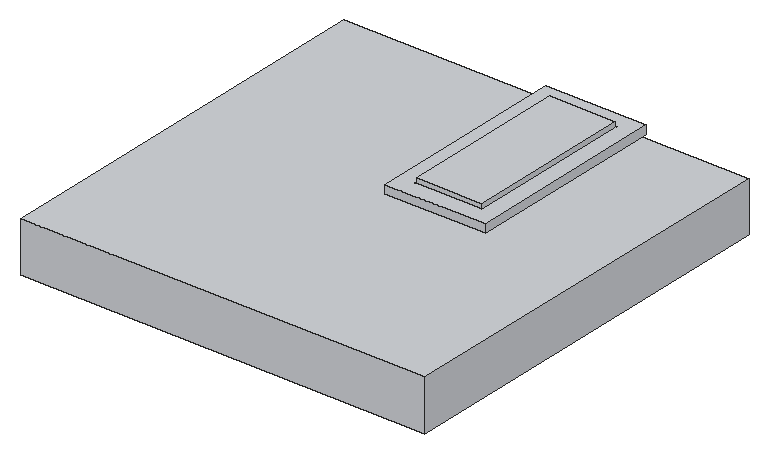
Revit family
Parameters
  Width = 0' - 2"
  URL = "www.coldspringgranite.com"
  TypicalJointSize = 0' - 0 1/4"
  StyleTop = 0' - 4"
  StyleBottom = 0' - 4"
  StoneMaterial = none
  StoneInlayMaterial = none
  SettingSpace = AirGap + Width  # 0' - 3"
  RailRight = 0' - 4"
  RailLeft = 0' - 4"
  Product Name = "Wall Facing Stone Panels with Inlay Accent Panel"
  Product Documentation Link = "http://www.coldspringgranite.com/BIM_Families/Family_Detail/Wall_Facing_Stone_Panel_with_Inlay_Accent_Panel/"
  PhoneNumber = "800-551-7502"
  Notes = ""
  Model = "N/A"
  Manufacturer = "Cold Spring Granite Company"
  Low Emitting Material = yes
  Low Emitting Finish = yes
  Location = "17482 Granite West Road, Cold Spring, MN 56320-4578"
  Length = 2' - 0"
  LEED Credit = ""
  Keynote = "044256"
  JointTopOff = no
  JointTop = if(JointTopOff, 0' 0", TypicalJointSize / 2)  # 0' - 0 1/8"
  JointRightOff = no
  JointRight = if(JointRightOff, 0' 0", TypicalJointSize / 2)  # 0' - 0 1/8"
  JointLeftOff = no
  JointLeft = if(JointLeftOff, 0' 0", TypicalJointSize / 2)  # 0' - 0 1/8"
  JointBottomOff = no
  JointBottom = if(JointBottomOff, 0' 0", TypicalJointSize / 2)  # 0' - 0 1/8"
  InnerJoint = 0' - 0 1/4"
  InlayWidth = 0' - 3 1/16"
  Height = 4' - 0"
  Description = "Stone Wall Facing Accent"
  Default Elevation = 0' - 0"
  Assembly Code = "B2010160"
  AirGap = 0' - 1"
Reference planes (in)
  plane 1 "Center (Front/Back)": y = 0
  plane 2: z = 0
  plane 3 "Center (Left/Right)": x = 0
  plane 4 "StoneBottom": y = 0.125
  plane 5 "StoneLeft": x = 0.125
  plane 6 "JointTopCenter": y = 48
  plane 7 "StoneTop": y = 47.875
  plane 8 "JointRightCenter": x = 24
  plane 9 "StoneRight": x = 23.875
  plane 10 "RailLeft": x = 4
  plane 11 "RailRight": x = 20
  plane 12 "StyleTop": y = 44
  plane 13 "StyleBottom": y = 4
  plane 14 "StoneBack": z = 1
  plane 15 "StoneFront": z = 3
  plane 16 "InlayWidth": z = 4.0625
Forms (in)
  Extrusion 1, solid
    sketch origin (0, 0, 0) x (1, 0, 0) y (0, 1, 0)
      loop
        line (-48, 48) -> (-48, -48) -> (48, -48) -> (48, 48) -> (-48, 48)
    from 0 to -12
  Extrusion 2, solid, material <- "StoneMaterial", detail levels medium+fine
    sketch origin (0, 0, 0) x (1, 0, 0) y (0, 1, 0)
      loop
        line (0.125, 47.875) -> (0.125, 0.125) -> (23.875, 0.125) -> (23.875, 47.875) -> (0.125, 47.875)
      loop
        line (4, 44) -> (4, 4) -> (20, 4) -> (20, 44) -> (4, 44)
    from 1 to 3
  Extrusion 3, solid, material <- "StoneMaterial", detail levels coarse
    sketch origin (0, 0, 0) x (1, 0, 0) y (0, 1, 0)
      loop
        line (0, 48) -> (0, 0) -> (24, 0) -> (24, 48) -> (0, 48)
    from 1 to 4.0625
Lines and regions (in)
  Masking region 1, detail levels coarse
    outline origin (0, 0, 3) x (-1, 0, 0) y (0, -1, 0)
      loop
        line (-24, -48) -> (0, -48) -> (0, 0) -> (-24, 0) -> (-24, -48)
  Masking region 2, detail levels medium+fine
    outline origin (0, 0, 3) x (-1, 0, 0) y (0, -1, 0)
      loop
        line (-23.875, -47.875) -> (-0.125, -47.875) -> (-0.125, -0.125) -> (-23.875, -0.125) -> (-23.875, -47.875)
  Masking region 3, detail levels coarse
    outline origin (0.125, 60, 48) x (0, 1, 0) y (0, 0, 1)
      loop
        line (-60, -43.9375) -> (-60, -47) -> (-12, -47) -> (-12, -43.9375) -> (-60, -43.9375)
  Masking region 4, detail levels medium+fine
    outline origin (0.125, 60, 48) x (0, 1, 0) y (0, 0, 1)
      loop
        line (-59.875, -45) -> (-59.875, -47) -> (-12.125, -47) -> (-12.125, -45) -> (-16.25, -45) -> (-16.25, -43.9375) -> (-55.75, -43.9375) -> (-55.75, -45) -> (-59.875, -45)
  Masking region 5, detail levels coarse
    outline origin (23.875, 0, 0) x (0, -1, 0) y (0, 0, 1)
      loop
        line (-48, 4.0625) -> (-48, 1) -> (0, 1) -> (0, 4.0625) -> (-48, 4.0625)
  Masking region 6, detail levels medium+fine
    outline origin (23.875, 0, 0) x (0, -1, 0) y (0, 0, 1)
      loop
        line (-4.25, 3) -> (-4.25, 4.0625) -> (-43.75, 4.0625) -> (-43.75, 3) -> (-47.875, 3) -> (-47.875, 1) -> (-0.125, 1) -> (-0.125, 3) -> (-4.25, 3)
  Masking region 7, detail levels medium+fine
    outline origin (0, 0, 4.0625) x (-1, 0, 0) y (0, -1, 0)
      loop
        line (-4, -44) -> (-4, -4) -> (-20, -4) -> (-20, -44) -> (-4, -44)
  Masking region 8, detail levels coarse
    outline origin (0, 47.875, 0) x (-1, 0, 0) y (0, 0, 1)
      loop
        line (0, 4.0625) -> (-24, 4.0625) -> (-24, 1) -> (0, 1) -> (0, 4.0625)
  Masking region 9, detail levels medium+fine
    outline origin (0, 47.875, 0) x (-1, 0, 0) y (0, 0, 1)
      loop
        line (-0.125, 3) -> (-23.875, 3) -> (-23.875, 1) -> (-0.125, 1) -> (-0.125, 3)
  Masking region 10, detail levels medium+fine
    outline origin (0, 47.875, 0) x (-1, 0, 0) y (0, 0, 1)
      loop
        line (-4.25, 4.0625) -> (-19.75, 4.0625) -> (-19.75, 3) -> (-4.25, 3) -> (-4.25, 4.0625)
  Masking region 11, detail levels coarse
    outline origin (0, 0.125, 0) x (-1, 0, 0) y (0, 0, 1)
      loop
        line (0, 4.0625) -> (-24, 4.0625) -> (-24, 1) -> (0, 1) -> (0, 4.0625)
  Masking region 12, detail levels medium+fine
    outline origin (0, 0.125, 0) x (-1, 0, 0) y (0, 0, 1)
      loop
        line (-0.125, 3) -> (-23.875, 3) -> (-23.875, 1) -> (-0.125, 1) -> (-0.125, 3)
  Masking region 13, detail levels medium+fine
    outline origin (0, 0.125, 0) x (-1, 0, 0) y (0, 0, 1)
      loop
        line (-4.25, 4.0625) -> (-19.75, 4.0625) -> (-19.75, 3) -> (-4.25, 3) -> (-4.25, 4.0625)
Dimensions and locks (in)
  "SettingSpace": plane 15 "StoneFront" to plane 2
  "Length": plane 3 "Center (Left/Right)" to plane 8 "JointRightCenter"
  "Height": plane 6 "JointTopCenter" to plane 1 "Center (Front/Back)"
  "RailLeft": plane 3 "Center (Left/Right)" to plane 10 "RailLeft"
  "RailRight": plane 11 "RailRight" to plane 8 "JointRightCenter"
  "StyleTop": plane 6 "JointTopCenter" to plane 12 "StyleTop"
  "StyleBottom": plane 1 "Center (Front/Back)" to plane 13 "StyleBottom"
  "JointLeft": plane 3 "Center (Left/Right)" to plane 5 "StoneLeft"
  "JointRight": plane 9 "StoneRight" to plane 8 "JointRightCenter"
  "JointTop": plane 6 "JointTopCenter" to plane 7 "StoneTop"
  "JointBottom": plane 4 "StoneBottom" to plane 1 "Center (Front/Back)"
  "Width": plane 15 "StoneFront" to plane 14 "StoneBack"
  "InlayWidth": plane 16 "InlayWidth" to plane 14 "StoneBack"
  aligned and locked: plane 2 to Extrusion 1
  aligned and locked: level to Extrusion 1
  aligned and locked: Extrusion 2 to plane 9 "StoneRight"
  aligned and locked: Extrusion 2 to plane 4 "StoneBottom"
  aligned and locked: Extrusion 2 to plane 5 "StoneLeft"
  aligned and locked: plane 7 "StoneTop" to Extrusion 2
  aligned and locked: Extrusion 2 to plane 12 "StyleTop"
  aligned and locked: Extrusion 2 to plane 11 "RailRight"
  aligned and locked: plane 13 "StyleBottom" to Extrusion 2
  aligned and locked: plane 10 "RailLeft" to Extrusion 2
  aligned and locked: plane 15 "StoneFront" to Extrusion 2
  aligned and locked: Extrusion 2 to plane 14 "StoneBack"
  aligned and locked: plane 6 "JointTopCenter" to Extrusion 3
  aligned and locked: plane 8 "JointRightCenter" to Extrusion 3
  aligned and locked: plane 1 "Center (Front/Back)" to Extrusion 3
  aligned and locked: Extrusion 3 to plane 3 "Center (Left/Right)"
  aligned and locked: Extrusion 3 to plane 14 "StoneBack"
  aligned and locked: plane 16 "InlayWidth" to Extrusion 3
  aligned and locked: Masking region 1 sketch curve to Extrusion 3  (x4)
  aligned and locked: Masking region 2 sketch curve to Extrusion 2  (x4)
  aligned and locked: Masking region 3 sketch curve to Extrusion 3  (x4)
  aligned and locked: Masking region 4 sketch curve to Extrusion 2  (x4)
  aligned and locked: Masking region 5 sketch curve to Masking region 3  (x4)
  aligned and locked: Masking region 6 sketch curve to Masking region 4  (x8)
  aligned and locked: plane 11 "RailRight" to nested 1
  aligned and locked: plane 12 "StyleTop" to nested 1
  aligned and locked: plane 10 "RailLeft" to nested 1
  aligned and locked: nested 1 to plane 13 "StyleBottom"
  aligned and locked: Masking region 8 sketch curve to Extrusion 3  (x4)
  aligned and locked: Masking region 9 sketch curve to Extrusion 2  (x4)
  aligned and locked: Masking region 10 sketch curve to nested 1  (x2)
  aligned and locked: nested 1 to Masking region 10 sketch curve
  aligned and locked: Masking region 10 sketch curve to plane 15 "StoneFront"
  aligned and locked: Masking region 11 sketch curve to Masking region 8  (x4)
  aligned and locked: Masking region 12 sketch curve to Masking region 9  (x4)
  aligned and locked: Masking region 13 sketch curve to Masking region 10  (x2)
  aligned and locked: Masking region 10 to Masking region 13 sketch curve  (x2)
Automatic sketch dimensions
  Extrusion 1 sketch curve to Extrusion 1 sketch curve = 8' - 0"  (x2)
  Extrusion 2 sketch curve to plane 4 "StoneBottom" = 0' - 0"
  Extrusion 2 sketch curve to plane 5 "StoneLeft" = 0' - 0"
  Extrusion 2 sketch curve to plane 10 "RailLeft" = 0' - 0"
  Extrusion 2 sketch curve to plane 11 "RailRight" = 0' - 0"
  Extrusion 2 sketch curve to plane 7 "StoneTop" = 0' - 0"
  Extrusion 2 sketch curve to plane 9 "StoneRight" = 0' - 0"
  Extrusion 2 sketch curve to plane 13 "StyleBottom" = 0' - 0"
  Extrusion 2 sketch curve to plane 12 "StyleTop" = 0' - 0"
  Extrusion 3 sketch curve to plane 5 "StoneLeft" = 0' - 0 1/8"
  Extrusion 3 sketch curve to plane 9 "StoneRight" = 0' - 0 1/8"
  Extrusion 3 sketch curve to plane 4 "StoneBottom" = 0' - 0 1/8"
  plane 7 "StoneTop" to Extrusion 3 sketch curve = 0' - 0 1/8"
  Masking region 4 sketch curve to plane 15 "StoneFront" = 0' - 0"
  Masking region 4 sketch curve to plane 16 "InlayWidth" = 0' - 0"
  plane 13 "StyleBottom" to Masking region 4 sketch curve = 0' - 0 1/4"
  Masking region 4 sketch curve to plane 12 "StyleTop" = 0' - 0 1/4"
  Masking region 7 sketch curve to plane 11 "RailRight" = 0' - 0"
  Masking region 7 sketch curve to plane 10 "RailLeft" = 0' - 0"
  Masking region 7 sketch curve to plane 12 "StyleTop" = 0' - 0"
  Masking region 7 sketch curve to plane 13 "StyleBottom" = 0' - 0"
Nested families (in)
  nested 1: "Wall_Facing-Cold_Spring_Granite-Stone_Inlay" at (4, 4, 0), AirGap <- "AirGap", Width <- "InlayWidth", StoneMaterial <- "StoneInlayMaterial", type "Wall_Facing-Cold_Spring_Granite-Stone_Inlay"
    with Width 0' - 3 1/16", StoneMaterial none, SettingSpace 0' - 4 1/16", Length 1' - 4", Height 3' - 4", AirGap 0' - 1"
Definition of nested family "Wall_Facing-Cold_Spring_Granite-Stone_Inlay"
  Parameters (values of type "Wall_Facing-Cold_Spring_Granite-Stone_Inlay")
    Width [instance] = 0' - 3 1/16"
    URL = "www.coldspringgranite.com"
    TypicalJointSize = 0' - 0 1/4"
    StoneMaterial [instance] = none
    SettingSpace [instance] = AirGap + Width  # 0' - 4 1/16"
    Product Name = ""
    Product Documentation Link = ""
    PhoneNumber = ""
    Notes = ""
    Model = "N/A"
    Manufacturer = "Cold Spring Granite Company"
    Low Emitting Material = yes
    Low Emitting Finish = yes
    Location = "17482 Granite West Road, Cold Spring, MN 56320-4578"
    Length [instance] = 4' - 8"
    LEED Credit = ""
    Keynote = "044256"
    Height [instance] = 5' - 0"
    Description = "Stone Wall Facing Accent"
    Default Elevation = 0' - 0"
    Assembly Code = "B2010160"
    AirGap [instance] = 0' - 1"
  Reference planes (in)
    plane 1 "Center (Front/Back)": y = 0
    plane 2: z = 0
    plane 3 "Center (Left/Right)": x = 0
    plane 4 "StoneLeft": x = 0.25
    plane 5 "JointTopCenter": y = 60
    plane 6 "StoneTop": y = 59.75
    plane 7 "JointRightCenter": x = 56
    plane 8 "StoneRight": x = 55.75
    plane 9 "StoneBottom": y = 0.25
    plane 10: z = 1
    plane 11: z = 4.0625
  Forms (in)
    Extrusion 1, solid
      sketch origin (0, 0, 0) x (1, 0, 0) y (0, 1, 0)
        loop
          line (-48, 48) -> (-48, -48) -> (48, -48) -> (48, 48) -> (-48, 48)
      from 0 to -12
    Extrusion 2, solid, material <- "StoneMaterial"
      sketch origin (0, 0, 0) x (1, 0, 0) y (0, 1, 0)
        loop
          line (0.25, 59.75) -> (0.25, 0.25) -> (55.75, 0.25) -> (55.75, 59.75) -> (0.25, 59.75)
      from 1 to 4.0625
  Dimensions and locks (in)
    "Length": plane 3 "Center (Left/Right)" to plane 7 "JointRightCenter"
    "Height": plane 5 "JointTopCenter" to plane 1 "Center (Front/Back)"
    "TypicalJointSize": plane 1 "Center (Front/Back)" to plane 9 "StoneBottom"
    "TypicalJointSize": plane 5 "JointTopCenter" to plane 6 "StoneTop"
    "TypicalJointSize": plane 3 "Center (Left/Right)" to plane 4 "StoneLeft"
    "TypicalJointSize": plane 8 "StoneRight" to plane 7 "JointRightCenter"
    "SettingSpace": plane 11 to plane 2
    "Width": plane 11 to plane 10
    aligned and locked: plane 2 to Extrusion 1
    aligned and locked: level to Extrusion 1
    aligned and locked: plane 6 "StoneTop" to Extrusion 2
    aligned and locked: Extrusion 2 to plane 4 "StoneLeft"
    aligned and locked: Extrusion 2 to plane 9 "StoneBottom"
    aligned and locked: plane 8 "StoneRight" to Extrusion 2
    aligned and locked: plane 11 to Extrusion 2
    aligned and locked: Extrusion 2 to plane 10
  Automatic sketch dimensions
    Extrusion 1 sketch curve to Extrusion 1 sketch curve = 8' - 0"  (x2)
    plane 4 "StoneLeft" to Extrusion 2 sketch curve = 0' - 0"
    Extrusion 2 sketch curve to plane 8 "StoneRight" = 0' - 0"
    plane 9 "StoneBottom" to Extrusion 2 sketch curve = 0' - 0"
    Extrusion 2 sketch curve to plane 6 "StoneTop" = 0' - 0"
  Nested families (in)
    nested 1: "CopyRight" at (0, 0, 0), type "CopyRight"
  Definition of nested family "CopyRight"
    Parameters (values of type "CopyRight")
      CopyRight = "Cold Spring Granite Company"
    Reference planes (in)
      plane 1: z = 0
